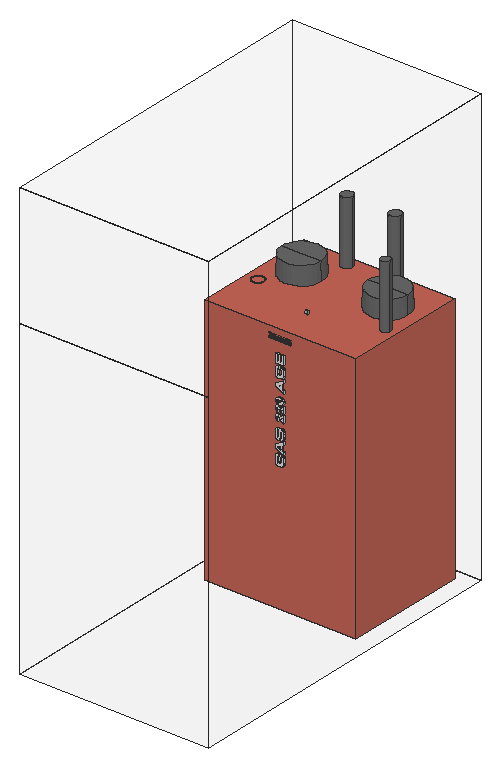
Revit family "Gas Ace 220_200_LOD-3", category Mechanical Equipment, Revit 2015
Parameters (values of type "200")
  Weekly = "0"
  Water Treatment Required = yes
  Water Content = 33.0 L
  Warranty ID = ""
  Voltage = 230 V
  Uniclass2015 = "Pr_60_60_08"
  URL = ""
  Type = "Space heating"
  Turndown Ratio = "4.9:1"
  Supply Phase = 1
  Starting Current = 0 A
  Sound Pressure Level = "59.7 dBA"
  Shipping Weight = 275.00 kg
  Shape = "Rectangular (Vertical)"
  Safety Valve Connection Type = "Unset"
  Safety Valve Connection Size = 0.00 mm
  Responsible Sourcing of Materials = "N/A"
  Responsible Extraction of Materials = "N/A"
  Reference Standard = "GAD 2009/142/EC BED 92/42/EEC EMC 2014/30/EU LVD 2014/35/EU ErP 2009/125/EC"
  Rated Output = 194400 W
  Rated Criteria = "80/60"
  Quarterly = "0"
  Product Range = "Gas 220 -200"
  Product Model Number = "Not Available"
  Product Literature = "https://www.remeha.co.uk/-/media/Themes/RemehaUK/Documents/Current/Specification-guides/gas-220-ace-specification-guide.pdf"
  Primary Fuel = "Gas - NG"
  Overall Width = 800.00 mm
  Overall Length = 657.00 mm
  Overall Height = 1662.00 mm
  Optional Fuel = "Gas - LPG"
  Operation and Maintenance Manual = "https://www.remeha.co.uk/en/Products/Floor-Standing-Range/Gas-220-Ace"
  Oil Consumption rate = 0
  Nominal Oil Inlet Pressure = 0.000 bar
  Nominal Gas Inlet Pressure = 0.020 bar
  NOx Emissions = "40 mg/kWh"
  Mounting = "Floor Standing"
  Monthly = "0"
  Model = ""
  Minimum Power Consumption = 11 W
  Minimum Operating Pressure = 0.800 bar
  Minimum Oil Inlet Pressure = 0.000 bar
  Minimum Gas Inlet Pressure = 0.017 bar
  Minimum Flow Rate at 20C temperature differential = 2.32 L/s
  Minimum Flow Rate at 11C temperature differential = 0.0 L/s
  Maximum Power Consumption = 204 W
  Maximum Operating Pressure = 5.000 bar
  Maximum Oil Inlet Pressure = 0.000 bar
  Maximum Gas Inlet Pressure = 0.025 bar
  Material Ingredient Reporting = "N/A"
  Manufacturer Website = "https://www.remeha.co.uk/"
  Manufacturer = "Remeha Commercial"
  Maintenance Required 8001 to 12000hrs = "0"
  Maintenance Required 601 to 1000hrs = "0"
  Maintenance Required 4001 to 8000hrs = "0"
  Maintenance Required 301 to 600hrs = "0"
  Maintenance Required 2001 to 4000hrs = "0"
  Maintenance Required 1001 to 2000hrs = "0"
  Maintenance Required 0 to 300hrs = "0"
  Location of Manufacturer = "N/A"
  Life Cycle Analysis = "N/A"
  Interlocks = yes
  IfcExportType = "NOTDEFINED"  # constant formula
  IfcExportAs = "IfcBoilerType"  # constant formula
  IP Rating = "IPX1B"
  IK Rating = "0"
  Hydraulic Resistance at 20C temperature differential = 0.100 bar
  Hydraulic Resistance at 11C temperature differential = 0.000 bar
  Heater Operation = "Condensing"
  Heat Exchanger Material = "Aluminium"
  Gross Weight = 278.00 kg
  Green Guide for Specification = "N/A"
  Gas Consumption rate = "21.2 m3/h"
  Fuse Rating = 6.3 A
  Full Load Current = 0 A
  Fuel Connection Type = "Threaded"
  Fuel Connection Size = 38.10 mm
  Frequency = 50 Hz
  Flue or Air Intake Classification = "B23p,B33, C33, C43, C53, C63, C83, C89"
  Flue Connection size = 200.00 mm
  Flow and Return Connection Type = "Threaded"
  Flow and Return Connection Size = 50.80 mm
  Finish = "High Polish Gardner 60 GRAD 91EH"
  Features = "Remeha's Gas 220 Ace  is a compact high efficiency floor standing condensing boiler. The compact design make this boiler ideally suited to modular arrangements"
  External Material = "Steel"
  Expected Life = "15"
  ErP Seasonal Efficiency = "0 %"
  ErP Rated Efficiency at Part Load = "97.3 %"
  ErP Rated Efficiency at Full Load = "87.6  %"
  ErP Energy Label = "0"
  Environmental Product Declaration = "N/A"
  Energy Technology List = "0"
  Embodied Carbon = "N/A"
  Drain Connection Type = "Threaded"
  Drain Connection Size = 19.05 mm
  Description = ""
  Daily = "0"
  Control Type = "0 - 10V, Open Therm, Volt free enable, Direct boiler weather compensating control systems available from Remeha as optional extra's."
  Configuration = "Single boiler"
  Condensate Drain Type = "Plain"
  Condensate Drain Size = 40.00 mm
  Colour = "RAL2002 Red RAL 7016 Dark Grey"
  Clearance Box Visibility [instance] = yes
  Classification.Uniclass.Pr.Number [instance] = "Pr_60_60_08_34"
  Classification.Uniclass.Pr.Description [instance] = "Gas fired Condensing Boilers"
  CE Mark = "0063CQ3781"
  Burner Control Type = "Modulating"
  Building Regulations Seasonal Efficiency = "95.455 %"
  Bespoke Timeframe = "0"
  BMS Links = yes
  Annually = "0"
  Air Inlet Connection Size = 200.00 mm
  Additional Technical Details = "https://www.remeha.co.uk/-/media/Themes/RemehaUK/Documents/Current/Technical-sheets/gas-220-ace-160-300-kw-technical-sheet.pdf"
  Access Clearance Top = 650.00 mm
  Access Clearance Right = 100.00 mm
  Access Clearance Rear = 50.00 mm
  Access Clearance Left = 100.00 mm
  Access Clearance Front = 1100.00 mm
  Access Clearance Bottom = 0.00 mm
  6 Monthly = "0"
Reference planes
  plane 1 "Center (Front/Back)": y = 0
  plane 2: z = 0
  plane 3 "Center (Left/Right)": x = 0
  plane 4: y = -657
  plane 5: x = -400
  plane 6: x = 400
  plane 7: z = 1329
  plane 8: z = 1662
  plane 9: z = 29
  plane 10: y = -231
  plane 11: y = -383
  plane 12: x = 229
  plane 13: x = -229
  plane 14: y = -331.3
  plane 15: y = -331.3
  plane 16: x = 338
  plane 17: x = 128
  plane 18: x = -128
  plane 19: x = -338
  plane 20: y = -56
  plane 21: z = 1637
  plane 22: z = 1330
  plane 23: z = 1582.574
  plane 24: y = -419.302
  plane 25: x = -246.5
  plane 26: x = 246.5
  plane 27: x = -216.5
  plane 28: x = 216.5
  plane 29: x = -247.5
  plane 30: x = -129
  plane 31: x = 129
  plane 32: x = -309.433
  plane 33: z = 84
  plane 34 "Drain": x = -280
  plane 35: y = 50
Forms (mm)
  Extrusion 1, solid, material "Color RGB 190-040-018"
    sketch origin (0, 0, 0) x (1, 0, 0) y (0, 0, 1)
      loop
        line (-400, 1329) -> (-400, 0) -> (400, 0) -> (400, 1329) -> (-400, 1329)
    from 0 to 657
  Extrusion 2, solid, material "Color RGB 045-045-045"
    sketch origin (0, 0, 0) x (1, 0, 0) y (0, 1, 0)
      loop
        circle (-128, -56) r 30.15
      loop
        circle (128, -56) r 30.15
    from 1329 to 1662
  Extrusion 3, solid, material "Color RGB 045-045-045"
    sketch origin (0, 0, 0) x (1, 0, 0) y (0, 1, 0)
      loop
        circle (338, -383) r 24.15
    from 1329 to 1662
  Revolve 4, solid, material "Color RGB 045-045-045"
    sketch origin (-859.279, -231, 1200) x (-1, 0, 0) y (0, 0, 1)
      loop
        line (-630.279, 224) -> (-734.758, 224) -> (-737.327, 129) -> (-630.279, 129) -> (-630.279, 224)
      axis (-630.279, 224) -> (-630.279, 129)
    angle from 0 to 360
  Extrusion 5, solid, material "Color RGB 045-045-045"
    sketch origin (0, 0, 0) x (1, 0, 0) y (0, 1, 0)
      loop
        circle (-338, -383) r 30.5
      loop
        circle (-338, -383) r 30.15
    from 1329 to 1330
  Revolve 6, solid, material "Color RGB 045-045-045"
    sketch origin (859.279, -231, 1200) x (1, 0, 0) y (0, 0, -1)
      loop
        line (-630.279, -224) -> (-630.279, -129) -> (-737.327, -129) -> (-734.758, -224) -> (-630.279, -224)
      axis (-630.279, -224) -> (-630.279, -129)
    angle from 0 to 360
  Extrusion 7, solid
    sketch origin (0, 0, 0) x (0, 1, 0) y (0, 0, 1)
      loop
        line (-644.838, 1444.292) -> (-639.057, 1444.292) -> (-636.7, 1457.66) -> (-642.481, 1457.66) -> (-644.838, 1444.292)
    from 120.449 to 135.774
  Extrusion 8, solid
    sketch origin (0, 0, 0) x (1, 0, 0) y (0, 0, 1)
      loop
        circle (-280, 84) r 10
    from 0 to 7.025
  Extrusion 9, solid, material "Glass - Clear - Amber", visible <- "Clearance Box Visibility"
    sketch origin (0, 0, 0) x (0, 1, 0) y (0, 0, 1)
      loop
        line (50, 2312) -> (-1757, 2312) -> (-1757, 1662) -> (-1757, 0) -> (50, 0) -> (50, 2312)
    from -500 to 500
  Extrusion 10, solid, material "Color RGB 235-235-235"
    sketch origin (102.74, 0, -0.321) x (1, 0, 0) y (0, 0, 1)
      loop
        arc (-93.982, 684.046) -> (-85.29, 687.232) -> (-80.717, 695.281) r 13.448
        line (-80.717, 695.281) -> (-80.115, 698.888) -> (-80, 702.988) -> (-80, 728.206)
        arc (-80, 728.206) -> (-83.13, 735.762) -> (-90.686, 738.892) r 10.686
        line (-90.686, 738.892) -> (-94.011, 738.892) -> (-104.813, 738.892) -> (-104.813, 709.936) -> (-96.035, 709.936) -> (-96.035, 725.984)
        arc (-96.035, 725.984) -> (-91.935, 724.658) -> (-90.181, 720.722) r 5.292
        line (-90.181, 720.722) -> (-90.181, 703.318)
        arc (-90.181, 703.318) -> (-91.955, 699.033) -> (-96.24, 697.258) r 6.059
        line (-96.24, 697.258) -> (-107.064, 697.258)
        arc (-107.064, 697.258) -> (-111.348, 699.033) -> (-113.123, 703.318) r 6.059
        line (-113.123, 703.318) -> (-113.123, 723.353)
        arc (-113.123, 723.353) -> (-111.339, 725.862) -> (-108.384, 724.999) r 2.655
        line (-108.384, 724.999) -> (-108.384, 738.658) -> (-112.644, 738.658)
        arc (-112.644, 738.658) -> (-120.184, 735.535) -> (-123.308, 727.994) r 10.664
        line (-123.308, 727.994) -> (-123.308, 702.694) -> (-123.034, 696.854)
        arc (-123.034, 696.854) -> (-118.872, 687.729) -> (-109.561, 684) r 13.487
        line (-109.561, 684) -> (-93.982, 684.046)
      loop
        line (-80.468, 742.529) -> (-80.468, 756.952) -> (-87.959, 760.736) -> (-87.959, 786.898) -> (-80.467, 790.911) -> (-80.467, 805.276) -> (-122.84, 782.129) -> (-122.84, 765.321) -> (-80.468, 742.529)
      loop
        line (-97.087, 782.07) -> (-113.006, 773.698) -> (-97.087, 765.559) -> (-97.087, 782.07)
      loop
        line (-94.335, 821.996) -> (-94.335, 809.423)
        arc (-94.335, 809.423) -> (-90.484, 808.619) -> (-86.694, 809.672) r 8.335
        line (-86.694, 809.672) -> (-83.423, 811.497) -> (-81.369, 814.676) -> (-80.304, 819.321) -> (-79.999, 825.545) -> (-79.999, 841.184) -> (-80.285, 849.955)
        arc (-80.285, 849.955) -> (-93.422, 863.092) -> (-106.559, 849.955) r 13.137
        line (-106.559, 849.955) -> (-106.8, 837.459) -> (-106.813, 830.544) -> (-107.046, 825.766)
        arc (-107.046, 825.766) -> (-110.321, 822.155) -> (-113.824, 825.546) r 3.393
        line (-113.824, 825.546) -> (-113.824, 843.718)
        arc (-113.824, 843.718) -> (-112.498, 846.623) -> (-109.435, 847.527) r 3.848
        line (-109.435, 847.527) -> (-109.435, 860.166)
        arc (-109.435, 860.166) -> (-112.188, 860.623) -> (-114.94, 860.166) r 8.532
        line (-114.94, 860.166) -> (-118.403, 858.986) -> (-121.04, 856.31) -> (-122.718, 851.557) -> (-123.307, 844.149) -> (-123.307, 826.126) -> (-122.632, 818.108)
        arc (-122.632, 818.108) -> (-110.144, 808.063) -> (-97.656, 818.108) r 12.785
        line (-97.656, 818.108) -> (-96.97, 830.778) -> (-96.916, 839.051) -> (-96.652, 844.348)
        arc (-96.652, 844.348) -> (-93.065, 847.935) -> (-89.479, 844.348) r 3.587
        line (-89.479, 844.348) -> (-89.479, 827.579)
        arc (-89.479, 827.579) -> (-90.863, 823.879) -> (-94.335, 821.996) r 5.637
      loop
        line (-80.467, 894.562) -> (-80.467, 928.774) -> (-90.101, 928.774) -> (-90.101, 911.338) -> (-95.872, 918.465) -> (-102.827, 925.924)
        arc (-102.827, 925.924) -> (-113.845, 928.876) -> (-121.328, 920.268) r 10.762
        arc (-121.328, 920.268) -> (-121.467, 910.072) -> (-118.715, 900.253) r 35.665
        arc (-118.715, 900.253) -> (-117.686, 898.792) -> (-116.174, 897.837) r 4.57
        line (-116.174, 897.837) -> (-109.842, 895.405) -> (-109.842, 907.63)
        arc (-109.842, 907.63) -> (-114.48, 914.715) -> (-106.118, 916.051) r 5.045
        line (-106.118, 916.051) -> (-90.101, 898.262) -> (-80.467, 894.562)
      loop
        line (-109.842, 936.604) -> (-109.842, 948.83)
        arc (-109.842, 948.83) -> (-114.48, 955.915) -> (-106.118, 957.25) r 5.045
        line (-106.118, 957.25) -> (-90.101, 939.461) -> (-80.467, 935.761) -> (-80.467, 969.974) -> (-90.101, 969.974) -> (-90.101, 952.537) -> (-95.872, 959.664) -> (-102.827, 967.123)
        arc (-102.827, 967.123) -> (-113.845, 970.075) -> (-121.328, 961.467) r 10.762
        arc (-121.328, 961.467) -> (-121.467, 951.271) -> (-118.715, 941.452) r 35.665
        arc (-118.715, 941.452) -> (-117.686, 939.991) -> (-116.174, 939.036) r 4.57
        line (-116.174, 939.036) -> (-109.842, 936.604)
      loop
        spline (-123.206, 991.968) -> (-122.47, 987.662) -> (-120.312, 983.65) -> (-116.879, 980.204) -> (-112.404, 977.56) -> (-107.194, 975.898) -> (-101.602, 975.332) -> (-96.011, 975.898) -> (-90.8, 977.56) -> (-86.326, 980.204) -> (-82.892, 983.65) -> (-80.734, 987.662) -> (-79.998, 991.968)
        spline (-79.998, 991.968) -> (-80.734, 996.274) -> (-82.892, 1000.287) -> (-86.326, 1003.732) -> (-90.8, 1006.376) -> (-96.011, 1008.038) -> (-101.602, 1008.605) -> (-107.194, 1008.038) -> (-112.404, 1006.376) -> (-116.879, 1003.732) -> (-120.312, 1000.287) -> (-122.47, 996.274) -> (-123.206, 991.968)
      loop
        line (-122.84, 1057.204) -> (-80.468, 1034.412) -> (-80.468, 1048.836) -> (-87.959, 1052.619) -> (-87.959, 1078.781) -> (-80.467, 1082.794) -> (-80.467, 1097.159) -> (-122.84, 1074.012) -> (-122.84, 1057.204)
      loop
        line (-97.087, 1073.954) -> (-113.006, 1065.581) -> (-97.087, 1057.442) -> (-97.087, 1073.954)
      loop
        line (-90.88, 1138.913) -> (-90.88, 1121.46)
        arc (-90.88, 1121.46) -> (-92.655, 1117.175) -> (-96.939, 1115.401) r 6.059
        line (-96.939, 1115.401) -> (-106.36, 1115.401)
        arc (-106.36, 1115.401) -> (-110.645, 1117.175) -> (-112.419, 1121.46) r 6.059
        line (-112.419, 1121.46) -> (-112.419, 1138.573)
        arc (-112.419, 1138.573) -> (-110.945, 1142.131) -> (-107.387, 1143.605) r 5.032
        line (-107.387, 1143.605) -> (-107.387, 1156.379) -> (-111.187, 1156.379)
        arc (-111.187, 1156.379) -> (-119.756, 1152.83) -> (-123.306, 1144.261) r 12.118
        line (-123.306, 1144.261) -> (-123.306, 1114.265)
        arc (-123.306, 1114.265) -> (-119.757, 1105.696) -> (-111.187, 1102.146) r 12.118
        line (-111.187, 1102.146) -> (-92.116, 1102.146)
        arc (-92.116, 1102.146) -> (-83.547, 1105.696) -> (-79.998, 1114.265) r 12.118
        line (-79.998, 1114.265) -> (-79.998, 1144.92)
        arc (-79.998, 1144.92) -> (-83.547, 1153.489) -> (-92.116, 1157.038) r 12.118
        line (-92.116, 1157.038) -> (-96.735, 1157.038) -> (-96.735, 1144.26)
        arc (-96.735, 1144.26) -> (-92.629, 1142.878) -> (-90.88, 1138.913) r 5.369
      loop
        line (-80.466, 1168.716) -> (-80.466, 1215.523) -> (-90.646, 1215.523) -> (-90.647, 1181.624) -> (-97.313, 1181.624) -> (-97.313, 1213.022) -> (-106.214, 1213.022) -> (-106.214, 1181.624) -> (-113.004, 1181.624) -> (-113.004, 1214.617) -> (-122.838, 1214.617) -> (-122.838, 1168.716) -> (-80.466, 1168.716)
      loop
        spline (-115.232, 991.968) -> (-114.767, 990.266) -> (-113.406, 988.68) -> (-111.24, 987.318) -> (-108.417, 986.273) -> (-105.13, 985.616) -> (-101.602, 985.392) -> (-98.074, 985.616) -> (-94.787, 986.273) -> (-91.964, 987.318) -> (-89.798, 988.68) -> (-88.437, 990.266) -> (-87.972, 991.968)
        spline (-87.972, 991.968) -> (-88.437, 993.67) -> (-89.798, 995.257) -> (-91.964, 996.619) -> (-94.787, 997.664) -> (-98.074, 998.321) -> (-101.602, 998.545) -> (-105.13, 998.321) -> (-108.417, 997.664) -> (-111.24, 996.619) -> (-113.406, 995.257) -> (-114.767, 993.67) -> (-115.232, 991.968)
    from 657 to 662.984
  Extrusion 11, solid, material "Color RGB 235-235-235"
    sketch origin (-42.769, -9.272, 1275.422) x (1, 0, 0) y (0, -0.000437, 1)
      loop
        line (-15.915, 23.933) -> (-15.915, 21.574) -> (100.023, 21.574) -> (100.023, 23.933) -> (-15.915, 23.933)
      loop
        line (-15.915, 2.368) -> (-15.915, 0) -> (100.023, 0) -> (100.023, 2.368) -> (-15.915, 2.368)
      loop
        line (-7.55, 16.548) -> (-7.55, 7.385) -> (0.456, 7.385) -> (0.456, 16.548) -> (-7.55, 16.548)
      loop
        line (-10.633, 19.602) -> (-10.633, 4.34) -> (3.539, 4.34) -> (3.539, 10.445) -> (6.606, 10.445)
        arc (6.606, 10.445) -> (8.137, 9.954) -> (9.096, 8.664) r 2.632
        line (9.096, 8.664) -> (10.573, 4.34) -> (14.226, 4.331) -> (12.014, 9.646)
        arc (12.014, 9.646) -> (11.484, 10.708) -> (10.812, 11.686) r 8.599
        arc (10.812, 11.686) -> (13.696, 16.127) -> (9.7, 19.602) r 4.036
        line (9.7, 19.602) -> (-10.633, 19.602)
      loop
        line (3.539, 16.548) -> (3.539, 13.489) -> (8.986, 13.489)
        arc (8.986, 13.489) -> (10.516, 15.019) -> (8.986, 16.548) r 1.529
        line (8.986, 16.548) -> (3.539, 16.548)
      loop
        line (24.358, 15.212) -> (24.358, 4.335) -> (27.412, 4.335) -> (27.412, 9.994)
        arc (27.412, 9.994) -> (28.404, 12.196) -> (30.711, 12.913) r 2.94
        line (30.711, 12.913) -> (30.711, 15.47)
        arc (30.711, 15.47) -> (28.818, 15.212) -> (27.282, 14.076) r 3.85
        line (27.282, 14.076) -> (27.282, 15.212) -> (24.358, 15.212)
      loop
        arc (39.556, 11.064) -> (37.154, 12.927) -> (34.752, 11.064) r 2.48
        line (34.752, 11.064) -> (39.556, 11.064)
      loop
        line (34.639, 9.003) -> (42.683, 9.003)
        arc (42.683, 9.003) -> (37.246, 15.375) -> (31.809, 9.003) r 5.506
        arc (31.809, 9.003) -> (36.775, 4.075) -> (42.683, 7.823) r 5.609
        line (42.683, 7.823) -> (39.475, 7.823)
        arc (39.475, 7.823) -> (36.614, 6.602) -> (34.639, 9.003) r 2.594
      loop
        line (44.304, 4.337) -> (47.307, 4.337) -> (47.307, 10.965)
        arc (47.307, 10.965) -> (49.045, 12.703) -> (50.783, 10.965) r 1.738
        line (50.783, 10.965) -> (50.783, 4.324) -> (53.824, 4.324) -> (53.824, 10.85)
        arc (53.824, 10.85) -> (55.606, 12.632) -> (57.388, 10.85) r 1.782
        line (57.388, 10.85) -> (57.388, 4.324) -> (60.429, 4.324) -> (60.429, 11.851)
        arc (60.429, 11.851) -> (57.692, 15.455) -> (53.486, 13.787) r 3.741
        arc (53.486, 13.787) -> (50.43, 15.415) -> (47.177, 14.228) r 4.249
        line (47.177, 14.228) -> (47.177, 15.214) -> (44.304, 15.214) -> (44.304, 4.337)
      loop
        arc (69.683, 11.064) -> (67.281, 12.927) -> (64.88, 11.064) r 2.48
        line (64.88, 11.064) -> (69.683, 11.064)
      loop
        line (64.766, 9.003) -> (72.81, 9.003)
        arc (72.81, 9.003) -> (67.373, 15.375) -> (61.936, 9.003) r 5.506
        arc (61.936, 9.003) -> (66.902, 4.075) -> (72.81, 7.823) r 5.609
        line (72.81, 7.823) -> (69.602, 7.823)
        arc (69.602, 7.823) -> (66.742, 6.602) -> (64.766, 9.003) r 2.594
      loop
        line (74.422, 4.337) -> (77.462, 4.337) -> (77.462, 10.464)
        arc (77.462, 10.464) -> (79.208, 12.386) -> (81.287, 10.832) r 1.93
        line (81.287, 10.832) -> (81.287, 4.337) -> (84.328, 4.337) -> (84.328, 11.653)
        arc (84.328, 11.653) -> (81.802, 15.331) -> (77.462, 14.296) r 3.942
        line (77.462, 14.296) -> (77.462, 19.383) -> (74.422, 19.383) -> (74.422, 4.337)
      loop
        arc (95.784, 12.354) -> (95.16, 13.909) -> (93.822, 14.918) r 3.124
        arc (93.822, 14.918) -> (92.796, 15.2) -> (91.745, 15.359) r 9.034
        arc (91.745, 15.359) -> (90.692, 15.424) -> (89.639, 15.359) r 8.608
        arc (89.639, 15.359) -> (88.55, 15.088) -> (87.559, 14.561) r 4.613
        arc (87.559, 14.561) -> (87.064, 14.061) -> (86.663, 13.482) r 4.017
        arc (86.663, 13.482) -> (86.273, 12.61) -> (86.012, 11.691) r 6.705
        line (86.012, 11.691) -> (88.975, 11.7)
        arc (88.975, 11.7) -> (89.323, 12.453) -> (90.004, 12.927) r 1.58
        arc (90.004, 12.927) -> (90.999, 13.122) -> (92.008, 13.022) r 3.46
        arc (92.008, 13.022) -> (92.743, 12.024) -> (91.907, 11.11) r 0.975
        line (91.907, 11.11) -> (89.009, 10.699)
        arc (89.009, 10.699) -> (86.71, 9.449) -> (85.792, 6.999) r 3.742
        arc (85.792, 6.999) -> (86.094, 5.779) -> (86.932, 4.842) r 2.605
        arc (86.932, 4.842) -> (89.985, 4.17) -> (92.914, 5.26) r 5.532
        line (92.914, 5.26) -> (93.178, 4.346) -> (96.197, 4.346) -> (95.784, 6.47) -> (95.784, 12.354)
      loop
        line (92.845, 9.629) -> (89.315, 8.609)
        arc (89.315, 8.609) -> (88.866, 7.99) -> (88.785, 7.229) r 1.489
        arc (88.785, 7.229) -> (89.225, 6.447) -> (90.072, 6.149) r 1.274
        arc (90.072, 6.149) -> (90.865, 6.342) -> (91.638, 6.602) r 9.564
        arc (91.638, 6.602) -> (92.433, 7.212) -> (92.768, 8.157) r 1.764
        line (92.768, 8.157) -> (92.845, 9.629)
    from 644.727 to 648.528
Dimensions and locks
  equal spacing: plane 5, plane 3 "Center (Left/Right)", plane 6
  plane 4 to plane 1 "Center (Front/Back)" = 657.00 mm
  plane 5 to plane 6 = 800.00 mm
  plane 8 to level = 1662.00 mm  (x2)
  plane 9 to level = 29.00 mm
  locked: plane 10 to plane 1 "Center (Front/Back)" at 231
  locked: plane 11 to plane 1 "Center (Front/Back)" at 383
  locked: plane 12 to plane 6 at 171
  plane 13 to plane 12 = 458.00 mm
  plane 10 to plane 14 = 100.30 mm
  plane 10 to plane 15 = 100.30 mm
  locked: plane 6 to plane 16 at 62
  locked: plane 6 to plane 17 at 272
  locked: plane 6 to plane 18 at 528
  locked: plane 6 to plane 19 at 738
  plane 16 to plane 6 = 62.00 mm
  plane 17 to plane 6 = 272.00 mm
  plane 18 to plane 6 = 528.00 mm
  plane 19 to plane 6 = 738.00 mm
  locked: plane 20 to plane 1 "Center (Front/Back)" at 56
  locked: plane 8 to plane 21 at 25
  locked: plane 22 to plane 7 at 1
  plane 8 to plane 22 = 332.00 mm
  locked: plane 27 to plane 25 at 30
  locked: plane 26 to plane 28 at 30
  plane 30 to plane 13 = 100.00 mm
  locked: Revolve 4 sketch curve to plane 30 at 4.479
  locked: Revolve 6 sketch curve to plane 31 at 4.479
  plane 12 to plane 31 = 100.00 mm
  plane 5 to plane 34 "Drain" = 120.00 mm
  radius of Extrusion 2 sketch curve = 30.15 mm  (x2)
  radius of Extrusion 3 sketch curve = 24.15 mm
  radius of Extrusion 8 sketch curve = 10.00 mm
  aligned and locked: level to plane 2
  aligned and locked: Extrusion 1 sketch curve to plane 7
  aligned and locked: plane 5 to Extrusion 1 sketch curve
  aligned and locked: Extrusion 1 sketch curve to plane 6
  aligned and locked: plane 8 to Extrusion 2
  aligned and locked: plane 16 to Extrusion 3 sketch curve
  aligned and locked: plane 11 to Extrusion 3 sketch curve
  aligned and locked: plane 8 to Extrusion 3
  aligned and locked: Extrusion 5 to plane 22
  aligned and locked: Extrusion 5 to plane 7
Automatic sketch dimensions
  plane 4 to Extrusion 7 sketch curve = 14.519 mm
  Extrusion 7 sketch curve to Extrusion 7 sketch curve = 5.781 mm  (x2)
  Extrusion 7 sketch curve to plane 23 = 124.914 mm
  plane 4 to Extrusion 7 sketch curve = 12.162 mm
  Extrusion 7 sketch curve to Extrusion 7 sketch curve = 13.368 mm
  Extrusion 8 sketch curve to plane 33 = 0.00 mm
  Extrusion 8 sketch curve to plane 34 "Drain" = 0.00 mm
  Extrusion 5 sketch curve to Extrusion 5 sketch curve = 0.00 mm  (x2)
  Extrusion 5 sketch curve to plane 11 = 0.00 mm
  Extrusion 5 sketch curve to plane 19 = 0.00 mm
  Extrusion 2 sketch curve to plane 18 = 0.00 mm
  Extrusion 2 sketch curve to plane 17 = 0.00 mm
  Extrusion 2 sketch curve to plane 20 = 0.00 mm  (x2)
  Extrusion 9 sketch curve to plane 8 = 0.00 mm
  Extrusion 9 sketch curve to level = 0.00 mm
  Extrusion 9 sketch curve to plane 35 = 0.00 mm
  Extrusion 9 sketch curve to plane 4 = 1100.00 mm
  plane 8 to Extrusion 9 sketch curve = 650.00 mm
  plane 9 to Extrusion 1 sketch curve = 29.00 mm
  Revolve 4 sketch curve to plane 7 = 0.00 mm
  Revolve 4 sketch curve to plane 13 = 0.00 mm  (x2)
  plane 22 to Revolve 4 sketch curve = 94.00 mm
  plane 18 to Revolve 4 sketch curve = 6.048 mm
  Revolve 4 sketch curve to level = 304.80 mm
  plane 8 to Revolve 4 sketch curve = 776.40 mm
  Revolve 6 sketch curve to plane 7 = 0.00 mm
  Revolve 6 sketch curve to plane 12 = 0.00 mm  (x2)
  plane 22 to Revolve 6 sketch curve = 94.00 mm
  Revolve 6 sketch curve to plane 17 = 6.048 mm
  plane 8 to Revolve 6 sketch curve = 776.40 mm
  Revolve 6 sketch curve to level = 304.80 mm
  Extrusion 10 sketch curve to plane 3 "Center (Left/Right)" = 20.568 mm  (x3)
  Extrusion 10 sketch curve to plane 3 "Center (Left/Right)" = 20.566 mm  (x2)
  Extrusion 10 sketch curve to Extrusion 10 sketch curve = 0.274 mm
  Extrusion 10 sketch curve to plane 3 "Center (Left/Right)" = 20.10 mm  (x2)
  Extrusion 10 sketch curve to plane 3 "Center (Left/Right)" = 20.099 mm
  Extrusion 10 sketch curve to plane 3 "Center (Left/Right)" = 20.098 mm
  Extrusion 10 sketch curve to Extrusion 10 sketch curve = 0.589 mm
  Extrusion 10 sketch curve to Extrusion 10 sketch curve = 0.676 mm
  Extrusion 10 sketch curve to Extrusion 10 sketch curve = 1.679 mm
  Extrusion 10 sketch curve to Extrusion 10 sketch curve = 2.637 mm
  Extrusion 10 sketch curve to plane 3 "Center (Left/Right)" = 13.434 mm  (x2)
  Extrusion 10 sketch curve to Extrusion 10 sketch curve = 3.463 mm
  Extrusion 10 sketch curve to Extrusion 10 sketch curve = 1.638 mm  (x2)
  Extrusion 10 sketch curve to Extrusion 10 sketch curve = 9.483 mm
  Extrusion 10 sketch curve to Extrusion 10 sketch curve = 10.185 mm
  Extrusion 10 sketch curve to plane 3 "Center (Left/Right)" = 10.383 mm
  Extrusion 10 sketch curve to plane 3 "Center (Left/Right)" = 10.266 mm  (x2)
  Extrusion 10 sketch curve to plane 3 "Center (Left/Right)" = 10.264 mm
  Extrusion 10 sketch curve to Extrusion 10 sketch curve = 0.479 mm
  Extrusion 10 sketch curve to plane 3 "Center (Left/Right)" = 9.904 mm
  Extrusion 10 sketch curve to plane 3 "Center (Left/Right)" = 9.68 mm
  Extrusion 10 sketch curve to plane 3 "Center (Left/Right)" = 9.679 mm
  Extrusion 10 sketch curve to Extrusion 10 sketch curve = 2.753 mm
  Extrusion 10 sketch curve to plane 3 "Center (Left/Right)" = 8.448 mm
  Extrusion 10 sketch curve to Extrusion 10 sketch curve = 1.232 mm  (x2)
  Extrusion 10 sketch curve to plane 3 "Center (Left/Right)" = 8.447 mm
  Extrusion 10 sketch curve to plane 3 "Center (Left/Right)" = 7.958 mm  (x2)
  Extrusion 10 sketch curve to Extrusion 10 sketch curve = 2.655 mm
  Extrusion 10 sketch curve to Extrusion 10 sketch curve = 3.393 mm
  Extrusion 10 sketch curve to Extrusion 10 sketch curve = 0.288 mm
  Extrusion 10 sketch curve to Extrusion 10 sketch curve = 3.848 mm
  Extrusion 10 sketch curve to Extrusion 10 sketch curve = 0.831 mm  (x2)
  Extrusion 10 sketch curve to Extrusion 10 sketch curve = 6.332 mm
  Extrusion 10 sketch curve to Extrusion 10 sketch curve = 0.025 mm
  Extrusion 10 sketch curve to plane 3 "Center (Left/Right)" = 6.821 mm  (x2)
  Extrusion 10 sketch curve to Extrusion 10 sketch curve = 5.505 mm
  Extrusion 10 sketch curve to Extrusion 10 sketch curve = 2.084 mm
  Extrusion 10 sketch curve to Extrusion 10 sketch curve = 4.26 mm
  Extrusion 10 sketch curve to plane 3 "Center (Left/Right)" = 4.647 mm
  Extrusion 10 sketch curve to Extrusion 10 sketch curve = 3.80 mm  (x2)
  Extrusion 10 sketch curve to Extrusion 10 sketch curve = 2.497 mm
  Extrusion 10 sketch curve to plane 3 "Center (Left/Right)" = 4.324 mm
  Extrusion 10 sketch curve to Extrusion 10 sketch curve = 3.385 mm
  Extrusion 10 sketch curve to plane 3 "Center (Left/Right)" = 4.074 mm
  Extrusion 10 sketch curve to plane 3 "Center (Left/Right)" = 4.06 mm
  Extrusion 10 sketch curve to Extrusion 10 sketch curve = 2.876 mm
  Extrusion 10 sketch curve to plane 3 "Center (Left/Right)" = 3.62 mm  (x2)
  Extrusion 10 sketch curve to plane 3 "Center (Left/Right)" = 3.474 mm
  Extrusion 10 sketch curve to plane 3 "Center (Left/Right)" = 3.378 mm  (x2)
  Extrusion 10 sketch curve to plane 3 "Center (Left/Right)" = 2.073 mm  (x2)
  Extrusion 10 sketch curve to plane 3 "Center (Left/Right)" = 0.087 mm  (x2)
  plane 3 "Center (Left/Right)" to Extrusion 10 sketch curve = 5.084 mm
  plane 3 "Center (Left/Right)" to Extrusion 10 sketch curve = 5.427 mm
  plane 3 "Center (Left/Right)" to Extrusion 10 sketch curve = 5.652 mm  (x2)
  plane 3 "Center (Left/Right)" to Extrusion 10 sketch curve = 5.77 mm
  plane 3 "Center (Left/Right)" to Extrusion 10 sketch curve = 5.80 mm  (x2)
  plane 3 "Center (Left/Right)" to Extrusion 10 sketch curve = 5.823 mm
  plane 3 "Center (Left/Right)" to Extrusion 10 sketch curve = 6.005 mm  (x2)
  Extrusion 10 sketch curve to Extrusion 10 sketch curve = 0.265 mm
  Extrusion 10 sketch curve to Extrusion 10 sketch curve = 0.486 mm
  plane 3 "Center (Left/Right)" to Extrusion 10 sketch curve = 6.50 mm
  Extrusion 10 sketch curve to Extrusion 10 sketch curve = 0.00 mm  (x26)
  Extrusion 10 sketch curve to Extrusion 10 sketch curve = 0.205 mm
  plane 3 "Center (Left/Right)" to Extrusion 10 sketch curve = 6.868 mm  (x2)
  Extrusion 10 sketch curve to Extrusion 10 sketch curve = 0.563 mm
  Extrusion 10 sketch curve to Extrusion 10 sketch curve = 1.854 mm
  plane 3 "Center (Left/Right)" to Extrusion 10 sketch curve = 8.405 mm
  Extrusion 10 sketch curve to Extrusion 10 sketch curve = 3.321 mm
  plane 3 "Center (Left/Right)" to Extrusion 10 sketch curve = 8.729 mm
  Extrusion 10 sketch curve to Extrusion 10 sketch curve = 2.258 mm
  Extrusion 10 sketch curve to Extrusion 10 sketch curve = 3.229 mm
  Extrusion 10 sketch curve to Extrusion 10 sketch curve = 3.587 mm
  plane 3 "Center (Left/Right)" to Extrusion 10 sketch curve = 10.623 mm
  Extrusion 10 sketch curve to Extrusion 10 sketch curve = 4.618 mm  (x2)
  Extrusion 10 sketch curve to Extrusion 10 sketch curve = 4.823 mm  (x3)
  Extrusion 10 sketch curve to Extrusion 10 sketch curve = 5.369 mm
  Extrusion 10 sketch curve to Extrusion 10 sketch curve = 6.059 mm  (x2)
  Extrusion 10 sketch curve to Extrusion 10 sketch curve = 3.579 mm
  Extrusion 10 sketch curve to Extrusion 10 sketch curve = 5.349 mm
  Extrusion 10 sketch curve to Extrusion 10 sketch curve = 3.325 mm
  Extrusion 10 sketch curve to Extrusion 10 sketch curve = 6.667 mm
  Extrusion 10 sketch curve to Extrusion 10 sketch curve = 5.292 mm
  Extrusion 10 sketch curve to Extrusion 10 sketch curve = 5.771 mm  (x2)
  plane 3 "Center (Left/Right)" to Extrusion 10 sketch curve = 12.639 mm
  Extrusion 10 sketch curve to Extrusion 10 sketch curve = 5.637 mm
  Extrusion 10 sketch curve to Extrusion 10 sketch curve = 9.128 mm  (x2)
  Extrusion 10 sketch curve to Extrusion 10 sketch curve = 7.642 mm
  Extrusion 10 sketch curve to Extrusion 10 sketch curve = 3.998 mm  (x2)
  Extrusion 10 sketch curve to Extrusion 10 sketch curve = 3.27 mm
  Extrusion 10 sketch curve to Extrusion 10 sketch curve = 2.054 mm
  Extrusion 10 sketch curve to Extrusion 10 sketch curve = 9.464 mm
  Extrusion 10 sketch curve to Extrusion 10 sketch curve = 7.491 mm
  Extrusion 10 sketch curve to Extrusion 10 sketch curve = 10.218 mm
  Extrusion 10 sketch curve to Extrusion 10 sketch curve = 11.649 mm
  Extrusion 10 sketch curve to Extrusion 10 sketch curve = 7.492 mm
  Extrusion 10 sketch curve to Extrusion 10 sketch curve = 9.634 mm
  Extrusion 10 sketch curve to Extrusion 10 sketch curve = 10.181 mm
  Extrusion 10 sketch curve to Extrusion 10 sketch curve = 1.065 mm
  Extrusion 10 sketch curve to Extrusion 10 sketch curve = 0.602 mm
  Extrusion 10 sketch curve to Extrusion 10 sketch curve = 0.115 mm
  Extrusion 10 sketch curve to Extrusion 10 sketch curve = 0.305 mm
  Extrusion 10 sketch curve to Extrusion 10 sketch curve = 12.118 mm
  plane 33 to Extrusion 10 sketch curve = 599.679 mm
  Extrusion 10 sketch curve to Extrusion 10 sketch curve = 11.281 mm
  Extrusion 10 sketch curve to Extrusion 10 sketch curve = 12.854 mm
  Extrusion 10 sketch curve to Extrusion 10 sketch curve = 0.229 mm  (x2)
  Extrusion 10 sketch curve to Extrusion 10 sketch curve = 0.236 mm
  Extrusion 10 sketch curve to Extrusion 10 sketch curve = 3.608 mm
  Extrusion 10 sketch curve to Extrusion 10 sketch curve = 5.84 mm
  Extrusion 10 sketch curve to Extrusion 10 sketch curve = 4.10 mm
  Extrusion 10 sketch curve to Extrusion 10 sketch curve = 6.619 mm
  Extrusion 10 sketch curve to Extrusion 10 sketch curve = 10.786 mm
  Extrusion 10 sketch curve to Extrusion 10 sketch curve = 13.417 mm
  Extrusion 10 sketch curve to Extrusion 10 sketch curve = 4.641 mm
  Extrusion 10 sketch curve to Extrusion 10 sketch curve = 7.483 mm
  Extrusion 10 sketch curve to Extrusion 10 sketch curve = 3.637 mm
  Extrusion 10 sketch curve to Extrusion 10 sketch curve = 14.423 mm  (x2)
  Extrusion 10 sketch curve to Extrusion 10 sketch curve = 3.783 mm  (x2)
  Extrusion 10 sketch curve to Extrusion 10 sketch curve = 26.663 mm
  Extrusion 10 sketch curve to Extrusion 10 sketch curve = 8.377 mm  (x2)
  Extrusion 10 sketch curve to Extrusion 10 sketch curve = 16.511 mm  (x2)
  Extrusion 10 sketch curve to Extrusion 10 sketch curve = 8.431 mm  (x2)
  Extrusion 10 sketch curve to Extrusion 10 sketch curve = 4.827 mm  (x2)
  Extrusion 10 sketch curve to Extrusion 10 sketch curve = 4.013 mm  (x2)
  Extrusion 10 sketch curve to Extrusion 10 sketch curve = 14.365 mm  (x2)
  Extrusion 10 sketch curve to Extrusion 10 sketch curve = 4.147 mm
  Extrusion 10 sketch curve to Extrusion 10 sketch curve = 4.396 mm
  Extrusion 10 sketch curve to Extrusion 10 sketch curve = 1.825 mm
  Extrusion 10 sketch curve to Extrusion 10 sketch curve = 3.179 mm
  Extrusion 10 sketch curve to Extrusion 10 sketch curve = 1.158 mm
  Extrusion 10 sketch curve to Extrusion 10 sketch curve = 4.645 mm
  Extrusion 10 sketch curve to Extrusion 10 sketch curve = 3.888 mm
  Extrusion 10 sketch curve to Extrusion 10 sketch curve = 6.224 mm
  Extrusion 10 sketch curve to Extrusion 10 sketch curve = 4.697 mm
  Extrusion 10 sketch curve to Extrusion 10 sketch curve = 8.018 mm
  Extrusion 10 sketch curve to Extrusion 10 sketch curve = 4.778 mm
  Extrusion 10 sketch curve to Extrusion 10 sketch curve = 3.199 mm
  Extrusion 10 sketch curve to Extrusion 10 sketch curve = 6.915 mm
  Extrusion 10 sketch curve to Extrusion 10 sketch curve = 8.273 mm
  Extrusion 10 sketch curve to Extrusion 10 sketch curve = 15.639 mm
  Extrusion 10 sketch curve to Extrusion 10 sketch curve = 6.258 mm
  Extrusion 10 sketch curve to Extrusion 10 sketch curve = 0.431 mm
  Extrusion 10 sketch curve to Extrusion 10 sketch curve = 5.297 mm
  Extrusion 10 sketch curve to Extrusion 10 sketch curve = 8.771 mm
  Extrusion 10 sketch curve to Extrusion 10 sketch curve = 5.606 mm
  Extrusion 10 sketch curve to Extrusion 10 sketch curve = 2.427 mm
  Extrusion 10 sketch curve to Extrusion 10 sketch curve = 7.408 mm
  Extrusion 10 sketch curve to Extrusion 10 sketch curve = 4.564 mm
  Extrusion 10 sketch curve to Extrusion 10 sketch curve = 4.752 mm
  Extrusion 10 sketch curve to Extrusion 10 sketch curve = 2.676 mm
  Extrusion 10 sketch curve to Extrusion 10 sketch curve = 8.075 mm
  Extrusion 10 sketch curve to Extrusion 10 sketch curve = 44.607 mm
  Extrusion 10 sketch curve to Extrusion 10 sketch curve = 0.843 mm
  Extrusion 10 sketch curve to Extrusion 10 sketch curve = 2.432 mm  (x2)
  Extrusion 10 sketch curve to Extrusion 10 sketch curve = 3.70 mm  (x2)
  Extrusion 10 sketch curve to Extrusion 10 sketch curve = 4.266 mm  (x2)
  Extrusion 10 sketch curve to Extrusion 10 sketch curve = 5.527 mm  (x2)
  Extrusion 10 sketch curve to Extrusion 10 sketch curve = 13.077 mm  (x2)
  Extrusion 10 sketch curve to Extrusion 10 sketch curve = 5.045 mm  (x2)
  Extrusion 10 sketch curve to Extrusion 10 sketch curve = 3.35 mm  (x2)
  Extrusion 10 sketch curve to Extrusion 10 sketch curve = 7.127 mm  (x2)
  Extrusion 10 sketch curve to Extrusion 10 sketch curve = 2.533 mm  (x2)
  Extrusion 10 sketch curve to Extrusion 10 sketch curve = 7.459 mm  (x2)
  Extrusion 10 sketch curve to Extrusion 10 sketch curve = 10.309 mm  (x2)
  Extrusion 10 sketch curve to Extrusion 10 sketch curve = 6.987 mm
  Extrusion 10 sketch curve to Extrusion 10 sketch curve = 10.68 mm
  Extrusion 10 sketch curve to Extrusion 10 sketch curve = 64.439 mm
  Extrusion 10 sketch curve to Extrusion 10 sketch curve = 4.585 mm
  Extrusion 10 sketch curve to Extrusion 10 sketch curve = 4.987 mm
  Extrusion 10 sketch curve to Extrusion 10 sketch curve = 1.136 mm  (x2)
  Extrusion 10 sketch curve to Extrusion 10 sketch curve = 17.113 mm
  Extrusion 10 sketch curve to Extrusion 10 sketch curve = 0.341 mm
  Extrusion 10 sketch curve to Extrusion 10 sketch curve = 0.656 mm
  Extrusion 10 sketch curve to Extrusion 10 sketch curve = 6.006 mm
  Extrusion 10 sketch curve to Extrusion 10 sketch curve = 11.678 mm
  Extrusion 10 sketch curve to Extrusion 10 sketch curve = 12.908 mm
  Extrusion 10 sketch curve to Extrusion 10 sketch curve = 31.398 mm
  Extrusion 10 sketch curve to Extrusion 10 sketch curve = 1.595 mm
  Extrusion 10 sketch curve to Extrusion 10 sketch curve = 2.501 mm
  Extrusion 10 sketch curve to plane 3 "Center (Left/Right)" = 20.467 mm
  Extrusion 10 sketch curve to Extrusion 10 sketch curve = 7.974 mm
  plane 3 "Center (Left/Right)" to Extrusion 10 sketch curve = 1.138 mm
  plane 3 "Center (Left/Right)" to Extrusion 10 sketch curve = 8.758 mm
  Extrusion 10 sketch curve to Extrusion 10 sketch curve = 0.046 mm
  Extrusion 10 sketch curve to Extrusion 10 sketch curve = 30.501 mm
  Extrusion 11 sketch curve to plane 3 "Center (Left/Right)" = 58.684 mm
  Extrusion 11 sketch curve to Extrusion 11 sketch curve = 0.00 mm  (x10)
  Extrusion 11 sketch curve to Extrusion 11 sketch curve = 5.282 mm
  Extrusion 11 sketch curve to Extrusion 11 sketch curve = 3.083 mm  (x2)
  Extrusion 11 sketch curve to Extrusion 11 sketch curve = 8.006 mm
  Extrusion 11 sketch curve to Extrusion 11 sketch curve = 0.536 mm
  Extrusion 11 sketch curve to Extrusion 11 sketch curve = 2.531 mm
  Extrusion 11 sketch curve to Extrusion 11 sketch curve = 5.448 mm
  Extrusion 11 sketch curve to Extrusion 11 sketch curve = 2.49 mm
  Extrusion 11 sketch curve to Extrusion 11 sketch curve = 0.713 mm
  Extrusion 11 sketch curve to Extrusion 11 sketch curve = 1.477 mm
  Extrusion 11 sketch curve to Extrusion 11 sketch curve = 2.918 mm
  Extrusion 11 sketch curve to Extrusion 11 sketch curve = 3.653 mm
  Extrusion 11 sketch curve to Extrusion 11 sketch curve = 12.345 mm
  Extrusion 11 sketch curve to Extrusion 11 sketch curve = 2.924 mm
  Extrusion 11 sketch curve to Extrusion 11 sketch curve = 3.054 mm  (x2)
  Extrusion 11 sketch curve to Extrusion 11 sketch curve = 2.856 mm
  Extrusion 11 sketch curve to Extrusion 11 sketch curve = 0.085 mm
  Extrusion 11 sketch curve to Extrusion 11 sketch curve = 3.429 mm
  Extrusion 11 sketch curve to Extrusion 11 sketch curve = 4.286 mm
  Extrusion 11 sketch curve to Extrusion 11 sketch curve = 0.113 mm  (x2)
  Extrusion 11 sketch curve to Extrusion 11 sketch curve = 2.402 mm  (x2)
  Extrusion 11 sketch curve to Extrusion 11 sketch curve = 0.076 mm  (x2)
  Extrusion 11 sketch curve to Extrusion 11 sketch curve = 0.092 mm  (x2)
  Extrusion 11 sketch curve to Extrusion 11 sketch curve = 0.134 mm  (x2)
  Extrusion 11 sketch curve to Extrusion 11 sketch curve = 2.245 mm  (x2)
  Extrusion 11 sketch curve to plane 3 "Center (Left/Right)" = 0.086 mm  (x2)
  plane 3 "Center (Left/Right)" to Extrusion 11 sketch curve = 1.535 mm
  Extrusion 11 sketch curve to Extrusion 11 sketch curve = 2.873 mm
  Extrusion 11 sketch curve to Extrusion 11 sketch curve = 0.13 mm
  Extrusion 11 sketch curve to Extrusion 11 sketch curve = 1.738 mm
  Extrusion 11 sketch curve to Extrusion 11 sketch curve = 0.65 mm
  Extrusion 11 sketch curve to Extrusion 11 sketch curve = 3.04 mm  (x5)
  Extrusion 11 sketch curve to Extrusion 11 sketch curve = 1.782 mm
  Extrusion 11 sketch curve to Extrusion 11 sketch curve = 0.701 mm
  Extrusion 11 sketch curve to Extrusion 11 sketch curve = 4.337 mm
  Extrusion 11 sketch curve to Extrusion 11 sketch curve = 3.208 mm
  Extrusion 11 sketch curve to Extrusion 11 sketch curve = 4.739 mm
  Extrusion 11 sketch curve to Extrusion 11 sketch curve = 1.93 mm
  Extrusion 11 sketch curve to Extrusion 11 sketch curve = 0.994 mm
  Extrusion 11 sketch curve to Extrusion 11 sketch curve = 0.901 mm
  Extrusion 11 sketch curve to Extrusion 11 sketch curve = 1.684 mm
  Extrusion 11 sketch curve to Extrusion 11 sketch curve = 2.199 mm
  Extrusion 11 sketch curve to Extrusion 11 sketch curve = 4.069 mm
  Extrusion 11 sketch curve to Extrusion 11 sketch curve = 2.964 mm
  Extrusion 11 sketch curve to Extrusion 11 sketch curve = 0.033 mm  (x2)
  Extrusion 11 sketch curve to Extrusion 11 sketch curve = 0.918 mm
  Extrusion 11 sketch curve to Extrusion 11 sketch curve = 1.137 mm
  Extrusion 11 sketch curve to Extrusion 11 sketch curve = 0.284 mm
  Extrusion 11 sketch curve to Extrusion 11 sketch curve = 0.51 mm
  Extrusion 11 sketch curve to Extrusion 11 sketch curve = 1.179 mm
  Extrusion 11 sketch curve to Extrusion 11 sketch curve = 0.049 mm
  Extrusion 11 sketch curve to Extrusion 11 sketch curve = 0.212 mm  (x2)
  Extrusion 11 sketch curve to Extrusion 11 sketch curve = 0.379 mm
  Extrusion 11 sketch curve to Extrusion 11 sketch curve = 0.436 mm
  Extrusion 11 sketch curve to Extrusion 11 sketch curve = 0.226 mm
  Extrusion 11 sketch curve to Extrusion 11 sketch curve = 0.749 mm
  Extrusion 11 sketch curve to Extrusion 11 sketch curve = 0.157 mm
  Extrusion 11 sketch curve to Extrusion 11 sketch curve = 1.236 mm
  Extrusion 11 sketch curve to Extrusion 11 sketch curve = 0.137 mm
  Extrusion 11 sketch curve to Extrusion 11 sketch curve = 0.668 mm
  Extrusion 11 sketch curve to Extrusion 11 sketch curve = 0.909 mm
  Extrusion 11 sketch curve to Extrusion 11 sketch curve = 1.762 mm
  Extrusion 11 sketch curve to Extrusion 11 sketch curve = 0.271 mm
  Extrusion 11 sketch curve to Extrusion 11 sketch curve = 1.996 mm
  Extrusion 11 sketch curve to Extrusion 11 sketch curve = 0.264 mm
  Extrusion 11 sketch curve to Extrusion 11 sketch curve = 3.106 mm
  Extrusion 11 sketch curve to Extrusion 11 sketch curve = 0.412 mm
  Extrusion 11 sketch curve to Extrusion 11 sketch curve = 4.239 mm
  Extrusion 11 sketch curve to Extrusion 11 sketch curve = 3.826 mm
  Extrusion 11 sketch curve to Extrusion 11 sketch curve = 2.368 mm
  Extrusion 11 sketch curve to Extrusion 11 sketch curve = 1.956 mm
  Extrusion 11 sketch curve to Extrusion 11 sketch curve = 1.963 mm
  Extrusion 11 sketch curve to Extrusion 11 sketch curve = 0.004 mm
  Extrusion 11 sketch curve to Extrusion 11 sketch curve = 1.968 mm
  Extrusion 11 sketch curve to Extrusion 11 sketch curve = 0.013 mm
  Extrusion 11 sketch curve to Extrusion 11 sketch curve = 1.972 mm  (x2)
  Extrusion 11 sketch curve to Extrusion 11 sketch curve = 0.009 mm
  Extrusion 11 sketch curve to Extrusion 11 sketch curve = 1.977 mm
  Extrusion 11 sketch curve to Extrusion 11 sketch curve = 0.914 mm
  Extrusion 11 sketch curve to Extrusion 11 sketch curve = 2.002 mm
  Extrusion 11 sketch curve to Extrusion 11 sketch curve = 1.103 mm
  Extrusion 11 sketch curve to Extrusion 11 sketch curve = 2.125 mm
  Extrusion 11 sketch curve to Extrusion 11 sketch curve = 0.452 mm
  Extrusion 11 sketch curve to Extrusion 11 sketch curve = 0.179 mm
  Extrusion 11 sketch curve to Extrusion 11 sketch curve = 0.001 mm
  Extrusion 11 sketch curve to Extrusion 11 sketch curve = 1.043 mm
  Extrusion 11 sketch curve to Extrusion 11 sketch curve = 0.429 mm
  Extrusion 11 sketch curve to Extrusion 11 sketch curve = 1.471 mm
  Extrusion 11 sketch curve to Extrusion 11 sketch curve = 3.486 mm  (x2)
  Extrusion 11 sketch curve to Extrusion 11 sketch curve = 1.341 mm
  Extrusion 11 sketch curve to Extrusion 11 sketch curve = 0.793 mm
  Extrusion 11 sketch curve to Extrusion 11 sketch curve = 1.186 mm
  Extrusion 11 sketch curve to Extrusion 11 sketch curve = 0.851 mm
  Extrusion 11 sketch curve to Extrusion 11 sketch curve = 1.181 mm  (x2)
  Extrusion 11 sketch curve to Extrusion 11 sketch curve = 1.473 mm
  Extrusion 11 sketch curve to Extrusion 11 sketch curve = 0.982 mm
  Extrusion 11 sketch curve to Extrusion 11 sketch curve = 0.53 mm  (x2)
  Extrusion 11 sketch curve to Extrusion 11 sketch curve = 1.417 mm
  Extrusion 11 sketch curve to Extrusion 11 sketch curve = 1.08 mm
  Extrusion 11 sketch curve to Extrusion 11 sketch curve = 0.219 mm  (x2)
  Extrusion 11 sketch curve to Extrusion 11 sketch curve = 0.991 mm
  Extrusion 11 sketch curve to Extrusion 11 sketch curve = 0.687 mm
  Extrusion 11 sketch curve to Extrusion 11 sketch curve = 0.578 mm  (x2)
  Extrusion 11 sketch curve to Extrusion 11 sketch curve = 6.128 mm
  Extrusion 11 sketch curve to Extrusion 11 sketch curve = 1.01 mm
  Extrusion 11 sketch curve to Extrusion 11 sketch curve = 0.082 mm
  Extrusion 11 sketch curve to Extrusion 11 sketch curve = 1.846 mm
  Extrusion 11 sketch curve to Extrusion 11 sketch curve = 0.115 mm
  Extrusion 11 sketch curve to Extrusion 11 sketch curve = 2.061 mm
  Extrusion 11 sketch curve to Extrusion 11 sketch curve = 0.617 mm
  Extrusion 11 sketch curve to Extrusion 11 sketch curve = 0.794 mm
  Extrusion 11 sketch curve to Extrusion 11 sketch curve = 0.657 mm
  Extrusion 11 sketch curve to Extrusion 11 sketch curve = 0.058 mm
  Extrusion 11 sketch curve to Extrusion 11 sketch curve = 1.267 mm
  Extrusion 11 sketch curve to Extrusion 11 sketch curve = 0.821 mm
  Extrusion 11 sketch curve to Extrusion 11 sketch curve = 0.038 mm
  Extrusion 11 sketch curve to Extrusion 11 sketch curve = 1.001 mm  (x2)
  Extrusion 11 sketch curve to Extrusion 11 sketch curve = 0.90 mm
  Extrusion 11 sketch curve to Extrusion 11 sketch curve = 0.066 mm
  Extrusion 11 sketch curve to Extrusion 11 sketch curve = 0.344 mm
  Extrusion 11 sketch curve to Extrusion 11 sketch curve = 3.045 mm
  Extrusion 11 sketch curve to Extrusion 11 sketch curve = 1.163 mm
  Extrusion 11 sketch curve to Extrusion 11 sketch curve = 3.264 mm
  Extrusion 11 sketch curve to Extrusion 11 sketch curve = 1.529 mm
  Extrusion 11 sketch curve to Extrusion 11 sketch curve = 1.136 mm
  Extrusion 11 sketch curve to Extrusion 11 sketch curve = 0.985 mm
  Extrusion 11 sketch curve to Extrusion 11 sketch curve = 2.604 mm
  Extrusion 11 sketch curve to Extrusion 11 sketch curve = 0.547 mm
  Extrusion 11 sketch curve to Extrusion 11 sketch curve = 5.087 mm
  Extrusion 11 sketch curve to Extrusion 11 sketch curve = 2.359 mm
  Extrusion 11 sketch curve to Extrusion 11 sketch curve = 0.652 mm  (x2)
  Extrusion 11 sketch curve to Extrusion 11 sketch curve = 0.847 mm
  Extrusion 11 sketch curve to Extrusion 11 sketch curve = 2.106 mm
  radius of Extrusion 5 sketch curve = 30.50 mm
  radius of Extrusion 5 sketch curve = 30.15 mm
Connectors
  piping at (338, -383, 1662), diameter 38.1
    settings: on Extrusion 3, index 1, connector inside diameter 609.6 mm, connector length 0.00 mm, flow factor 0, pipe flow 0.0 L/s, pressure drop 0.000 bar, fitting loss kfactor 0, connector angle 0.00°, fixture units 0, engagement length 0.00 mm, angle of deflection 0.00°, flow configuration 1, flow direction 1, fitting loss method 0, system type 22, joint type 0, gender type 0, connector reference index -1, connector utility 0, adjustable connector no, is connector primary yes, connector description "Gas"
  piping at (128, -56, 1662), diameter 50.75
    settings: on Extrusion 2, index 2, connector inside diameter 609.6 mm, connector length 0.00 mm, flow factor 0, pipe flow 0.0 L/s, pressure drop 0.000 bar, fitting loss kfactor 0, connector angle 0.00°, fixture units 0, engagement length 0.00 mm, angle of deflection 0.00°, flow configuration 1, flow direction 1, fitting loss method 0, system type 7, joint type 0, gender type 0, connector reference index -1, connector utility 0, adjustable connector no, is connector primary no, connector description "Hydronic Supply"
  piping at (-128, -56, 1662), diameter 50.75
    settings: on Extrusion 2, index 3, connector inside diameter 609.6 mm, connector length 0.00 mm, flow factor 0, pipe flow 0.0 L/s, pressure drop 0.000 bar, fitting loss kfactor 0, connector angle 0.00°, fixture units 0, engagement length 0.00 mm, angle of deflection 0.00°, flow configuration 0, flow direction 2, fitting loss method 0, system type 8, joint type 0, gender type 0, connector reference index -1, connector utility 0, adjustable connector no, is connector primary no, connector description "Hydronic Return1"
  piping at (-338, -383, 1330), diameter 50.75
    settings: on Extrusion 5, index 4, connector inside diameter 609.6 mm, connector length 0.00 mm, flow factor 0, pipe flow 0.0 L/s, pressure drop 0.000 bar, fitting loss kfactor 0, connector angle 0.00°, fixture units 0, engagement length 0.00 mm, angle of deflection 0.00°, flow configuration 1, flow direction 1, fitting loss method 0, system type 8, joint type 0, gender type 0, connector reference index -1, connector utility 0, adjustable connector no, is connector primary no, connector description "Hydronic Return2"
  piping at (-280, 0, 84), diameter 40
    settings: on Extrusion 8, index 8, connector inside diameter 609.6 mm, connector length 0.00 mm, flow factor 0, pipe flow 0.0 L/s, pressure drop 0.000 bar, fitting loss kfactor 0, connector angle 0.00°, fixture units 0, engagement length 0.00 mm, angle of deflection 0.00°, flow configuration 3, flow direction 2, fitting loss method 0, system type 16, joint type 0, gender type 0, connector reference index -1, connector utility 0, adjustable connector no, is connector primary no, connector description "Drain"
  hvac at (229, -231, 1424)
    settings: on Revolve 6, index 9, duct flow 0.0 L/s, flow factor 0, pres drop 0.000 bar, loss coef 0, conn angle 0.00°, conn width 304.8 mm, conn height 304.8 mm, conn diameter 200 mm, duct sys type 4, conn prof type 0, flow config 0, flow direction 0, loss method 0, conn ref index -1, conn util no, is conn primary yes, conn desc ""
  hvac at (0, 0, 664.5)
    settings: on Extrusion 1, index 10, duct flow 0.0 L/s, flow factor 0, pres drop 0.000 bar, loss coef 0, conn angle 0.00°, conn width 304.8 mm, conn height 304.8 mm, conn diameter 609.6 mm, duct sys type 1, conn prof type 1, flow config 0, flow direction 0, loss method 0, conn ref index -1, conn util no, is conn primary no, conn desc ""
  hvac at (-229, -231, 1424)
    settings: on Revolve 4, index 11, duct flow 0.0 L/s, flow factor 0, pres drop 0.000 bar, loss coef 0, conn angle 0.00°, conn width 304.8 mm, conn height 304.8 mm, conn diameter 200 mm, duct sys type 1, conn prof type 0, flow config 0, flow direction 0, loss method 0, conn ref index -1, conn util no, is conn primary no, conn desc ""
  electrical at (0, -657, 664.5)
    settings: on Extrusion 1, index 12, voltage 230 V, apparent load 0 VA, apparent load phase1 0 VA, apparent load phase2 0 VA, apparent load phase3 0 VA, power factor 1, load classification "Other", number of poles 1, system type 30, power factor state 1, is connector primary yes, connector utility no, sub classification motor no, connector description ""
